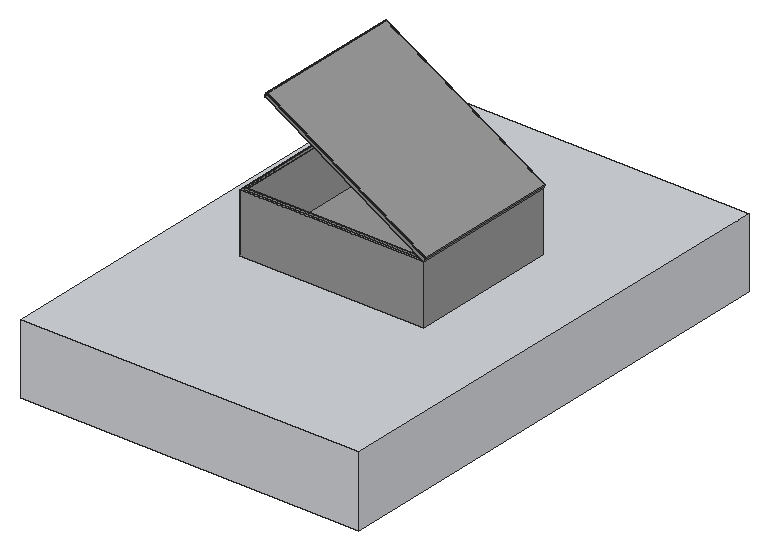
Revit family "Hager-Univers-IP55-D275-H650-Cl.II-Steel_encl-PL-pl", category Equipement électrique, Revit 2020
Family settings
  Hôte = Face
  Configuration du panneau = Deux colonnes, circuits au sein
  Cote de connecteur circulaire = Utiliser le diamètre
  Type d'élément = Tableau de raccordement
  Couper avec des vides une fois chargée = Non
  Partagée = Non
  Point de calcul de pièce = Non
Parameters (values of type "Montaż natynkowy IP55 S800 W650 G275  - FR43S")
  Width Control [instance] = if([EF000008 - Szerokość] > Min Width, [EF000008 - Szerokość], Min Width)  # 800 mm
  Commentaires du type = [HG000003 - Zakres]  # "Univers"
  Thickness Door [instance] = if([EF009171 - Drzwi/pokrywa z materiału o wysokiej wytrzymałości mechanicznej] > 3 mm, 3 mm, [EF009171 - Drzwi/pokrywa z materiału o wysokiej wytrzymałości mechanicznej])  # 1.5 mm
  Seal Frame Offset [instance] = 17 mm  # constant formula
  Plinth Visibility [instance] = [HG000027 - Wysokość cokołu] > 0 mm  # no
  Model = ""
  Min Width [instance] = 100 mm  # constant formula
  Min Height [instance] = 100 mm  # constant formula
  Min Depth [instance] = (2 * [EF009170 - Obudowa z materiału o wysokiej wytrzymałości mechanicznej]) + 1 mm  # 4 mm
  Internal Frame Depth [instance] = (Door System Depth * 0.5)  # 9 mm
  Height Control [instance] = if([EF000040 - Wysokość] > Min Height, [EF000040 - Wysokość], Min Height)  # 650 mm
  HG000027 - Wysokość cokołu = 0 mm
  HG000026 - Stojąca = no
  HG000024 - Wysokość części dolnej = 800 mm
  HG000023 - Obudowa dwusekcyjna = no
  HG000016 - Widoczność drzwi w widoku 3D [instance] = yes
  HG000015 - Przestrzeń robocza - otwarcie drzwi [instance] = no
  HG000014 - Drzwi prawe [instance] = yes
  HG000013 - Drzwi lewe [instance] = not([HG000014 - Drzwi prawe])  # no
  HG000012 - Kąt otwarcia drzwi [instance] = 30.00°
  HG000010 - Drzwi asymetryczne = no
  HG000009 - Drzwi dwuskrzydłowe = no
  HG000006 - Montaż podtynkowy = no
  HG000004 - Referencja producenta = "FR43S"
  HG000003 - Zakres = "Univers"
  HG000002 - Z drzwiami lub pokrywą = yes
  Frame Offset Bottom [instance] = 10 mm  # constant formula
  Frame Offset [instance] = 15 mm  # constant formula
  EF015940 - Pokrywa z wyzwalaczem nadciśnieniowym = no
  EF011959 - Stopień ochrony (NEMA) = ""
  EF009554 - Liczba otworów pod flansze = 6
  Fabricant = "Hager"  # constant formula
  EF009212 - Wykonanie pokrywy = "EV000116 - Zamknięty"
  EF009171 - Drzwi/pokrywa z materiału o wysokiej wytrzymałości mechanicznej = 1.5 mm
  EF009170 - Obudowa z materiału o wysokiej wytrzymałości mechanicznej = 1.5 mm
  EF008873 - Prąd znamionowy (In) = 800 A
  EF007800 - Do ochrony odgromowej = no
  EF006306 - Z zamkiem = no
  EF006244 - Transparentna pokrywa/drzwi = no
  EF005474 - Stopień ochrony (IP) = "EV006420 - IP55"
  EF004464 - Rodzaj drzwi = "EV002646 - Pojedynczy"
  EF004427 - Liczba modułów = 144
  EF004293 - Odporność udarowa = "EV008784 - IK10"
  EF003532 - Do zastosowań zewnętrznych = no
  EF002950 - Szerokość wyrażona liczbą modułów = 24
  EF001613 - Podtrzymanie funkcji = "EV000494 - Brak"
  EF001596 - Materiał obudowy = "EV000179 - Stal"
  EF001131 - Głębokość wewnętrzna = 275 mm
  EF001088 - Możliwość rozbudowy = yes
  EF000437 - Liczba wejść kablowych = 6
  EF000339 - Rodzaj pokrywy = "EV004216 - Drzwi"
  EF000266 - Liczba rzędów = 4
  EF000218 - Głębokość wbudowania = 0 mm
  EF000118 - Z płytą montażową = no
  EF000116 - Numer RAL = "7035"
  EF000049 - Głębokość = 275 mm
  EF000040 - Wysokość = 650 mm
  EF000008 - Szerokość = 800 mm
  EF000007 - Kolor = "EV000270 - Szary"
  EF000003 - Sposób montażu = "EV000384 - Montaż natynkowy"
  Door System Leaf Tolerance [instance] = 1.5 mm  # constant formula
  Door System Depth [instance] = 18 mm  # constant formula
  Door Height [instance] = Height Control - [HG000027 - Wysokość cokołu]  # 650 mm
  Depth Control [instance] = if([EF000049 - Głębokość] > Min Depth, [EF000049 - Głębokość], Min Depth)  # 275 mm
  Default Elevation = 0 mm
  Connector Offset [instance] = Height Control / 2  # 325 mm
  Bottom Top Plate Trim [instance] = 1.5 mm  # constant formula
  Plinth height Ctrl [instance] = if([HG000027 - Wysokość cokołu] > 0 mm, [HG000027 - Wysokość cokołu], 12 mm)  # 12 mm
Types (5, lengths in mm): name | Width Control | HG000010 - Drzwi asymetryczne | HG000009 - Drzwi dwuskrzydłowe | HG000004 - Referencja producenta | EF009554 - Liczba otworów pod flansze | EF004464 - Rodzaj drzwi | EF004427 - Liczba modułów | EF000437 - Liczba wejść kablowych | EF000008 - Szerokość
  Montaż natynkowy IP55 S1050 W650 G275  - FR44S | 1050 | no | yes | "FR44S" | 8 | "EV003602 - Podwójny" | 192 | 8 | 1050
  Montaż natynkowy IP55 S1300 W650 G275  - FR45S | 1300 | yes | yes | "FR45S" | 10 | "EV003602 - Podwójny" | 240 | 10 | 1300
  Montaż natynkowy IP55 S300 W650 G275  - FR41S | 300 | no | no | "FR41S" | 2 | "EV002646 - Pojedynczy" | 48 | 2 | 300
  Montaż natynkowy IP55 S550 W650 G275  - FR42S | 550 | no | no | "FR42S" | 4 | "EV002646 - Pojedynczy" | 96 | 4 | 550
  Montaż natynkowy IP55 S800 W650 G275  - FR43S | 800 | no | no | "FR43S" | 6 | "EV002646 - Pojedynczy" | 144 | 6 | 800
Reference planes
  plane 1 "Center (Front/Back)": y = 0
  plane 2: z = 0
  plane 3 "Center (Left/Right)": x = 0
  plane 4: z = 275
  plane 5: y = 1.5
  plane 6: y = 325
  plane 7: y = 0
  plane 8: y = 650
  plane 9: z = 0
  plane 10: x = -385
  plane 11: x = 385
  plane 12: x = 383.5
  plane 13: x = -383.5
  plane 14: y = 648.5
  plane 15: x = -383
  plane 16: x = -400
  plane 17: x = 383
  plane 18: x = 400
  plane 19: x = 398.5
  plane 20: x = -398.5
  plane 21: y = 11.5
  plane 22: y = 650
  plane 23: y = 633.5
  plane 24: z = 257
  plane 25: z = 1.5
  plane 26: z = 255.5
  plane 27: z = 273.5
Forms (mm)
  Extrusion 1, solid
    sketch origin (0, 0, 0) x (1, 0, 0) y (0, 1, 0)
      loop
        line (-702.964, 1305) -> (-702.964, -811.445) -> (766.763, -811.445) -> (766.763, 1305) -> (-702.964, 1305)
    from 0 to -304.8
  Extrusion 2, solid, material "Hager_Steel_RAL7035_Light_Grey", visible <- "Plinth Visibility", detail levels medium+fine
    sketch origin (0, 0, 0) x (1, 0, 0) y (0, 1, 0)
      loop
        line (-400, 0) -> (400, 0) -> (400, 12) -> (-400, 12) -> (-400, 0)
    from 0 to 257
  Extrusion 3, solid, material "Hager_Steel_RAL7035_Light_Grey", detail levels medium+fine
    sketch origin (0, 0, 0) x (1, 0, 0) y (0, 1, 0)
      loop
        line (-400, 0) -> (400, 0) -> (400, 650) -> (-400, 650) -> (-400, 0)
    from 0 to 257
  Extrusion 4, void
    sketch origin (0, 0, 0) x (1, 0, 0) y (0, 1, 0)
      loop
        line (-398.5, 1.5) -> (398.5, 1.5) -> (398.5, 648.5) -> (-398.5, 648.5) -> (-398.5, 1.5)
    from 1.5 to 255.5
  Extrusion 5, void
    sketch origin (-381.607, -4572, 257) x (0, -1, 0) y (-1, 0, 0)
      loop
        line (-4583.5, 1.893) -> (-5205.5, 1.893) -> (-5205.5, -765.107) -> (-4583.5, -765.107) -> (-4583.5, 1.893)
    from 0 to 1.5 <- "EF009170 - Obudowa z materiału o wysokiej wytrzymałości mechanicznej"
  Extrusion 6, solid, material "Hager_Steel_RAL7035_Light_Grey", detail levels fine
    sketch origin (0, 0, 257) x (1, 0, 0) y (0, 1, 0)
      loop
        line (-383.5, 633.5) -> (-383.5, 11.5) -> (383.5, 11.5) -> (383.5, 633.5) -> (-383.5, 633.5)
      loop
        line (-385, 10) -> (385, 10) -> (385, 635) -> (-385, 635) -> (-385, 10)
    from 0 to 9 <- "Internal Frame Depth"
  Extrusion 7, solid, material "Hager_Steel_RAL7035_Light_Grey", detail levels coarse
    sketch origin (0, 0, 0) x (1, 0, 0) y (0, 1, 0)
      loop
        line (-400, 0) -> (400, 0) -> (400, 650) -> (-400, 650) -> (-400, 0)
    from 0 to 275
  Sweep 8, void
    path in 3D
      loop
        line (-400, 12, 0) -> (400, 12, 0) -> (400, 12, 257) -> (-400, 12, 257) -> (-400, 12, 0)
    profile origin (-400, 12, 128.5) x (-1, 0, 0) y (0, -1, 0)
      loop
        line (0, 0) -> (0, 1.5) -> (-1.5, 1.5)
        arc (-1.5, 1.5) -> (-1.061, 0.439) -> (0, 0) r 1.5
Cuts and joins
  Extrusion 4, Extrusion 5 cuts Extrusion 3
  Sweep 8 cuts Extrusion 2
Lines and regions (mm)
  Masking region 1
    outline origin (0, 0, 0) x (1, 0, 0) y (0, 0, 1)
      loop
        line (-400, 275) -> (-400, 0) -> (400, 0) -> (400, 275) -> (-400, 275)
  Masking region 2, detail levels medium+fine
    outline origin (0, 140, 0) x (0, 1, 0) y (0, 0, 1)
      loop
        line (-140, 0) -> (510, 0) -> (510, 257) -> (-140, 257) -> (-140, 0)
  Masking region 3, not visible, detail levels medium+fine
    outline origin (0, 297.922, 0) x (0, 1, 0) y (0, 0, 1)
      loop
        line (38.578, 0) -> (78.578, 0) -> (78.578, 263.5)
        arc (78.578, 263.5) -> (75.649, 270.571) -> (68.578, 273.5) r 10
        line (68.578, 273.5) -> (38.578, 273.5) -> (38.578, 0)
  Masking region 4, detail levels coarse
    outline origin (0, 0, 180) x (0, 1, 0) y (0, 0, 1)
      loop
        line (0, -180) -> (650, -180) -> (650, 95) -> (0, 95) -> (0, -180)
  Masking region 5, visible <- "Plinth Visibility", detail levels medium+fine
    outline origin (0, 52.24, 12.345) x (0, 0, -1) y (0, 1, 0)
      loop
        line (10.845, -40.24) -> (-243.155, -40.24)
        arc (-243.155, -40.24) -> (-243.594, -41.301) -> (-244.655, -41.74) r 1.5
        line (-244.655, -41.74) -> (-244.655, -52.24) -> (12.345, -52.24) -> (12.345, -41.74)
        arc (12.345, -41.74) -> (11.285, -41.301) -> (10.845, -40.24) r 1.5
  Masking region 6, detail levels medium+fine
    outline origin (-381.607, -4572, 257) x (-1, 0, 0) y (0, -1, 0)
      loop
        line (18.393, -5222) -> (18.393, -4572) -> (-781.607, -4572) -> (-781.607, -5222) -> (18.393, -5222)
  Masking region 7, visible <- "Plinth Visibility", detail levels medium+fine
    outline origin (-381.607, -4727, 257) x (-1, 0, 0) y (0, -1, 0)
      loop
        arc (16.893, -4739) -> (17.332, -4737.939) -> (18.393, -4737.5) r 1.5
        line (18.393, -4737.5) -> (18.393, -4727) -> (-781.607, -4727) -> (-781.607, -4737.5)
        arc (-781.607, -4737.5) -> (-780.546, -4737.939) -> (-780.107, -4739) r 1.5
        line (-780.107, -4739) -> (16.893, -4739)
  Masking region 8, detail levels coarse
    outline origin (-442.548, -4669.526, 257) x (-1, 0, 0) y (0, -1, 0)
      loop
        line (-42.548, -5319.526) -> (-42.548, -4669.526) -> (-842.548, -4669.526) -> (-842.548, -5319.526) -> (-42.548, -5319.526)
  sketch lines
    curve 1: line (-400, 12, 257) -> (-400, 12, 0)
    curve 2: line (400, 12, 257) -> (-400, 12, 257)
    curve 3: line (400, 12, 257) -> (400, 12, 0)
    curve 4: line (-400, 12, 0) -> (400, 12, 0)
Dimensions and locks
  "Depth Control": plane 4 to Extrusion 1
  "HG000027 - Wysokość cokołu": plane 1 "Center (Front/Back)" to plane 7
  "EF009170 - Obudowa z materiału o wysokiej wytrzymałości mechanicznej": plane 5 to plane 7
  locked: connector elem to plane 3 "Center (Left/Right)"
  equal spacing: plane 8, plane 6, plane 7
  locked: connector elem to plane 6
  "EF009170 - Obudowa z materiału o wysokiej wytrzymałości mechanicznej": plane 8 to plane 14
  "EF009170 - Obudowa z materiału o wysokiej wytrzymałości mechanicznej": plane 10 to plane 13
  "EF009170 - Obudowa z materiału o wysokiej wytrzymałości mechanicznej": plane 12 to plane 11
  "Frame Offset": plane 20 to plane 13
  "Frame Offset": plane 12 to plane 19
  "EF009170 - Obudowa z materiału o wysokiej wytrzymałości mechanicznej": plane 16 to plane 20
  "EF009170 - Obudowa z materiału o wysokiej wytrzymałości mechanicznej": plane 19 to plane 18
  "Seal Frame Offset": plane 16 to plane 15
  "Seal Frame Offset": plane 17 to plane 18
  "Frame Offset Bottom": plane 21 to plane 5
  "Frame Offset": plane 14 to plane 23
  equal spacing: plane 16, plane 3 "Center (Left/Right)", plane 18
  "Width Control": plane 16 to plane 18
  "EF009170 - Obudowa z materiału o wysokiej wytrzymałości mechanicznej": plane 4 to plane 27
  "EF009170 - Obudowa z materiału o wysokiej wytrzymałości mechanicznej": plane 24 to plane 26
  "EF009170 - Obudowa z materiału o wysokiej wytrzymałości mechanicznej": plane 25 to level
  "Door System Depth": plane 4 to plane 24
  "Height Control": plane 1 "Center (Front/Back)" to Extrusion 7 sketch curve
  "Height Control": Masking region 4 sketch curve to plane 1 "Center (Front/Back)"
  "Height Control": plane 1 "Center (Front/Back)" to plane 22
  "Bottom Top Plate Trim": profile plane to Sweep 8 sketch curve
  "Bottom Top Plate Trim": Sweep 8 sketch curve to profile plane
  "Plinth height Ctrl": plane 1 "Center (Front/Back)" to Extrusion 2 sketch curve
  "Plinth height Ctrl": Masking region 5 sketch curve to plane 1 "Center (Front/Back)"
  "Plinth height Ctrl": plane 1 "Center (Front/Back)" to Masking region 7 sketch curve
  "Thickness Door": Extrusion 6 sketch curve to Extrusion 6 sketch curve  (x3)
  "Thickness Door": cut or joined group of Extrusion 3, Extrusion 4, Extrusion 5 to Extrusion 6 sketch curve
  radius of Masking region 3 sketch curve = 10 mm
  "Bottom Top Plate Trim": radius of Masking region 5 sketch curve  (x2)
  "Bottom Top Plate Trim": radius of Sweep 8 sketch curve
  "Bottom Top Plate Trim": radius of Masking region 7 sketch curve  (x2)
  aligned and locked: plane 2 to Extrusion 1
  aligned and locked: level to Extrusion 1
  aligned and locked: level to Masking region 1 sketch curve
  aligned and locked: Masking region 1 sketch curve to plane 18
  aligned and locked: Masking region 1 sketch curve to plane 16
  aligned and locked: plane 7 to Masking region 2 sketch curve
  aligned and locked: level to Masking region 3 sketch curve
  aligned and locked: Masking region 3 sketch curve to plane 27
  aligned and locked: level to Masking region 2 sketch curve
  aligned and locked: plane 1 "Center (Front/Back)" to Extrusion 2 sketch curve
  aligned and locked: Extrusion 3 sketch curve to plane 7
  aligned and locked: plane 16 to Extrusion 3 sketch curve
  aligned and locked: plane 18 to Extrusion 3 sketch curve
  aligned and locked: plane 20 to Extrusion 4 sketch curve
  aligned and locked: plane 19 to Extrusion 4 sketch curve
  aligned and locked: Extrusion 4 sketch curve to plane 5
  aligned and locked: Extrusion 4 to plane 25
  aligned and locked: plane 26 to Extrusion 4
  aligned and locked: plane 24 to Extrusion 3
  aligned and locked: Extrusion 5 sketch curve to plane 21
  aligned and locked: Extrusion 5 sketch curve to plane 13
  aligned and locked: Extrusion 5 sketch curve to plane 12
  aligned and locked: plane 18 to Extrusion 7 sketch curve
  aligned and locked: plane 1 "Center (Front/Back)" to Extrusion 7 sketch curve
  aligned and locked: plane 16 to Extrusion 7 sketch curve
  aligned and locked: plane 4 to Extrusion 7
  aligned and locked: Extrusion 7 to level
  aligned and locked: level to Masking region 4 sketch curve
  aligned and locked: Masking region 4 sketch curve to plane 1 "Center (Front/Back)"
  aligned and locked: Masking region 4 sketch curve to plane 4
  aligned and locked: nested 1 to level
  aligned and locked: nested 1 to plane 16
  aligned and locked: plane 8 to Extrusion 3 sketch curve
  aligned and locked: plane 23 to Extrusion 5 sketch curve
  aligned and locked: plane 14 to Extrusion 4 sketch curve
  aligned and locked: Masking region 2 sketch curve to plane 8
  aligned and locked: level to Masking region 5 sketch curve
  aligned and locked: plane 16 to Extrusion 2 sketch curve
  aligned and locked: plane 18 to Extrusion 2 sketch curve
  aligned and locked: Masking region 5 sketch curve to plane 24
  aligned and locked: Masking region 2 sketch curve to plane 24
  aligned and locked: plane 24 to Extrusion 2
  aligned and locked: profile plane to Sweep 8 sketch curve  (x2)
  aligned and locked: Masking region 6 sketch curve to plane 18
  aligned and locked: Masking region 6 sketch curve to plane 22
  aligned and locked: Masking region 6 sketch curve to plane 16
  aligned and locked: plane 8 to plane 22
  aligned and locked: Masking region 6 sketch curve to plane 7
  aligned and locked: Masking region 7 sketch curve to plane 16
  aligned and locked: Masking region 7 sketch curve to plane 1 "Center (Front/Back)"
  aligned and locked: Masking region 7 sketch curve to plane 18
  aligned and locked: Masking region 8 sketch curve to plane 1 "Center (Front/Back)"
  aligned and locked: Masking region 8 sketch curve to plane 18
  aligned and locked: Masking region 8 sketch curve to plane 22
  aligned and locked: Masking region 8 sketch curve to plane 16
  aligned and locked: nested 2 to plane 7
  aligned and locked: plane 3 "Center (Left/Right)" to nested 2
  aligned and locked: nested 2 to plane 24
  aligned and locked: Extrusion 6 sketch curve to cut or joined group of Extrusion 3, Extrusion 4, Extrusion 5  (x4)
Automatic sketch dimensions
  Extrusion 1 sketch curve to Extrusion 1 sketch curve = 1469.727 mm
  Extrusion 1 sketch curve to Extrusion 1 sketch curve = 2116.445 mm
  Masking region 1 sketch curve to plane 4 = 0 mm
  plane 6 to Masking region 3 sketch curve = 11.5 mm
  Masking region 3 sketch curve to Masking region 3 sketch curve = 30 mm
  Masking region 5 sketch curve to plane 1 "Center (Front/Back)" = 0 mm
Nested families
  nested 1: "Hager_Enclosure_Symbol" at (-400, 0, 0) x (1, 0, 0) z (0, -1, 0), Height <- "Depth Control", Width <- "Width Control", type "Hager_Enclosure_Symbol"
    with Width_Ctrl 800 mm, Width 800 mm, Height_Ctrl 275 mm, Height 275 mm, A_Width_Int 18.047 mm, A_Width 216.562 mm, A_Height_Ctrl 240.625 mm, A_Height 240.625 mm
  nested 2: "EC000058_Univers_Door" at (0, 0, 257) x (1, 0, 0) z (0, 1, 0), Leaf_Tolerance <- "Door System Leaf Tolerance", Angle <- "HG000012 - Kąt otwarcia drzwi", Door_Depth <- "Door System Depth", Door_Left <- "HG000013 - Drzwi lewe", Transparent <- "EF006244 - Transparentna pokrywa/drzwi", Assymetrical <- "HG000010 - Drzwi asymetryczne", Width <- "Width Control", Clearance <- "HG000015 - Przestrzeń robocza - otwarcie drzwi", Double <- "HG000009 - Drzwi dwuskrzydłowe", 3d_Door <- "HG000016 - Widoczność drzwi w widoku 3D", Lock_Visibility <- "EF006306 - Z zamkiem", Width_Ctrl <- "Width Control", Door_Right <- "HG000014 - Drzwi prawe", Door <- "HG000002 - Z drzwiami lub pokrywą", Height <- "Door Height", Thickness <- "Thickness Door", type "EC000058_Univers_Door", detail levels medium+fine
    with min_wh 4 mm, Width_Ctrl 800 mm, Width 800 mm, Transparent no, Thickness 1.5 mm, Seal_Material Hager_Rubber, Lock_Visibility no, Lock_Material Hager_Plastic_RAL9005_Jet_Black, Leaf_Width 800 mm, Leaf_Tolerance_External_Sides 0 mm, Leaf_Tolerance 1.5 mm, Leaf_Offset 0 mm, Leaf_Height 647 mm, Leaf_2_Width 800 mm, Leaf_2_Offset 400 mm, Leaf_1_Width 800 mm, Leaf_1_Offset 400 mm, Height_Ctrl 650 mm, Height 650 mm, Glass_Material Hager_Glass, Double_Clearance_Ctrl no, Double no, Door_Right_Ctrl yes, Door_Right yes, Door_Material Hager_Steel_RAL7035_Light_Grey, Door_Left_Ctrl no, Door_Left no, Door_Depth 18 mm, Door yes, Clearance_Material Hager_Clearance, Clearance_Depth 800 mm, Clearance_Ctrl no, Clearance no, Assymetrical no, Angle 30.00°, 3d_Door yes
Connectors
  electrical at (0, 325, 0)
    settings: on plane 9, index 1, voltage 0 V, apparent load 0 VA, apparent load phase1 0 VA, apparent load phase2 0 VA, apparent load phase3 0 VA, power factor 1, load classification "Other", number of poles 1, system type 30, power factor state 1, is connector primary yes, connector utility no, sub classification motor no, connector description ""
Definition of nested family "EC000058_Univers_Door"
  Parameters (values of type "EC000058_Univers_Door")
    min_wh [instance] = (2 * Thickness) + 1 mm  # 11 mm
    Width_Ctrl [instance] = 400 mm
    Width [instance] = 500 mm
    Transparent [instance] = yes
    Thickness [instance] = 5 mm
    Seal_Material [instance] = none
    Lock_Visibility [instance] = yes
    Lock_Material [instance] = none
    Leaf_Width [instance] = if((Width_Ctrl - 2 * Leaf_Tolerance_External_Sides) > 0 mm, (Width_Ctrl - 2 * Leaf_Tolerance_External_Sides), min_wh)  # 400 mm
    Leaf_Tolerance_External_Sides [instance] = 0 mm  # constant formula
    Leaf_Tolerance [instance] = 1.5 mm
    Leaf_Offset [instance] = 0 mm  # constant formula
    Leaf_Height [instance] = if((Height_Ctrl - 2 * Leaf_Tolerance) > 0 mm, (Height_Ctrl - 2 * Leaf_Tolerance), min_wh)  # 497 mm
    Leaf_2_Width [instance] = if(and(and(Double, Assymetrical), Door_Left), (Leaf_Width / 3) - (Leaf_Tolerance / 2), if(and(and(Double, Assymetrical), Door_Right), (Leaf_Width / 3) * 2 - (Leaf_Tolerance / 2), if(and(Double, not(Assymetrical)), (Leaf_Width / 2) - Leaf_Tolerance, Leaf_Width)))  # 400 mm
    Leaf_2_Offset [instance] = if(and(Double, Assymetrical), Leaf_2_Width / 2, if(and(Double, not(Assymetrical)), Leaf_Width / 4, Leaf_Width / 2))  # 200 mm
    Leaf_1_Width [instance] = if(and(and(Double, Assymetrical), Door_Right), (Leaf_Width / 3) - (Leaf_Tolerance / 2), if(and(and(Double, Assymetrical), Door_Left), (Width / 3) * 2 - (Leaf_Tolerance / 2), if(and(Double, not(Assymetrical)), (Leaf_Width / 2) - Leaf_Tolerance, Leaf_Width)))  # 400 mm
    Leaf_1_Offset [instance] = if(and(Double, Assymetrical), Leaf_1_Width / 2, if(and(Double, not(Assymetrical)), Leaf_Width / 4, Leaf_Width / 2))  # 200 mm
    Height_Ctrl [instance] = if(Height > min_wh, Height, min_wh)  # 500 mm
    Height [instance] = 500 mm
    Glass_Material [instance] = none
    Double_Clearance_Ctrl [instance] = and(Double, Clearance)  # no
    Double [instance] = no
    Door_Right_Ctrl [instance] = and(or(Door_Right, Double), Door)  # yes
    Door_Right [instance] = yes
    Door_Material [instance] = none
    Door_Left_Ctrl [instance] = and(or(Door_Left, Double), Door)  # no
    Door_Left [instance] = no
    Door_Depth [instance] = 30 mm
    Door [instance] = yes
    Default Elevation = 1219.2 mm
    Clearance_Material [instance] = none
    Clearance_Depth [instance] = if(Leaf_1_Width > Leaf_2_Width, Leaf_1_Width, Leaf_2_Width)  # 400 mm
    Clearance_Ctrl [instance] = and(not(Double), Clearance)  # yes
    Clearance [instance] = yes
    Assymetrical [instance] = yes
    Angle [instance] = 30.00°
    3d_Door [instance] = yes
  Reference planes
    plane 1 "Center (Front/Back)": y = 0
    plane 2 "Bottom": z = 0
    plane 3 "Center (Left/Right)": x = 0
    plane 4: z = 500
    plane 5: x = -200
    plane 6: x = 200
    plane 7: z = 500
    plane 8: x = -200
    plane 9: z = 0
    plane 10: x = 200
    plane 11: y = 0
    plane 12: z = 1.5
    plane 13: x = -600
    plane 14: y = -400
    plane 15: x = 600
    plane 16: x = 0
    plane 17: x = 0
    plane 18: x = -200
    plane 19: x = 200
    plane 20: z = 498.5
  Forms (mm)
    Extrusion 1, solid, material <- "Clearance_Material", visible <- "Double_Clearance_Ctrl"
      sketch origin (1200, 0, 0) x (1, 0, 0) y (0, 0, -1)
        loop
          line (-1800, -498.5) -> (-600, -498.5) -> (-600, 0) -> (-1800, 0) -> (-1800, -498.5)
      from 0 to -400
  Dimensions and locks
    equal spacing: plane 5, plane 3 "Center (Left/Right)", plane 6
    "Width_Ctrl": plane 5 to plane 6
    "Leaf_Offset": plane 5 to plane 8
    "Leaf_Offset": plane 6 to plane 10
    "Leaf_Offset": plane 9 to level
    "Leaf_Offset": plane 4 to plane 7
    "Height_Ctrl": plane 4 to level
    "Leaf_Tolerance": plane 12 to plane 9
    locked: plane 11 to plane 1 "Center (Front/Back)"
    "Leaf_1_Offset": plane 18 to plane 16
    "Leaf_2_Offset": plane 17 to plane 19
    "Leaf_1_Width": plane 13 to plane 8
    "Leaf_2_Width": plane 10 to plane 15
    "Clearance_Depth": plane 14 to plane 1 "Center (Front/Back)"
    "Leaf_Tolerance_External_Sides": plane 8 to plane 18
    "Leaf_Tolerance_External_Sides": plane 19 to plane 10
    "Leaf_Tolerance": plane 7 to plane 20
    aligned and locked: level to plane 2 "Bottom"
    aligned and locked: nested 1 to plane 16
    aligned and locked: nested 2 to plane 17
    aligned and locked: Extrusion 1 to plane 13
    aligned and locked: plane 15 to Extrusion 1
    aligned and locked: Extrusion 1 to plane 14
    aligned and locked: plane 12 to nested 1
    aligned and locked: nested 2 to plane 12
    aligned and locked: Extrusion 1 to plane 11
    aligned and locked: plane 20 to Extrusion 1
    aligned and locked: nested 2 to plane 11
    aligned and locked: nested 1 to plane 11
  Automatic sketch dimensions
    Extrusion 1 sketch curve to level = 0 mm
    plane 5 to Extrusion 1 sketch curve = 400 mm
    plane 6 to Extrusion 1 sketch curve = 400 mm
    Extrusion 1 sketch curve to plane 4 = 1.5 mm
  Nested families
    nested 1: "EC000058_Univers_Door_Leaf" at (0, 0, 1.5), Width <- "Leaf_1_Width", visible <- "Door_Left_Ctrl", Leaf_Height <- "Leaf_Height", Angle <- "Angle", 3d_Door <- "3d_Door", Transparent <- "Transparent", Clearance Material <- "Clearance_Material", Clearance <- "Clearance_Ctrl", Door_Material <- "Door_Material", Glass_Material <- "Glass_Material", Door_Depth <- "Door_Depth", Lock_Material <- "Lock_Material", Seal_Material <- "Seal_Material", Lock_Visibility <- "Lock_Visibility", Thickness <- "Thickness", type "EC000058_Univers_Door_Leaf"
      with Width 400 mm, Transparent_Glass_Offset 30 mm, Transparent_Ctrl yes, Transparent yes, Thickness 5 mm, Standard no, Seal_Material none, Seal_D2 8 mm, Seal_D1 1 mm, Offset_Internal_Frame 10 mm, Lock_Width 20 mm, Lock_Visibility_3d yes, Lock_Visibility yes, Lock_Thickness_3 3 mm, Lock_Thickness_2 1 mm, Lock_Thickness_1 3 mm, Lock_Radius_Offset_2 16 mm, Lock_Radius_Offset_1 15 mm, Lock_Radius_2 5 mm, Lock_Radius 6 mm, Lock_Offset 5 mm, Lock_Material none, Lock_Height 80 mm, Lock_Cover_Top_Offset_2d 17 mm, Lock_Cover_Height -65 mm, Leaf_Height 497 mm, Internal_Seal_Thickness 8 mm, Internal_Seal_Depth_2 4.5 mm, Internal_Frame_Depth 25 mm, Glass_Thickness -1 mm, Glass_Offset -2 mm, Glass_Material none, Door_Material none, Door_Depth 30 mm, Clearance Material none, Clearance yes, Angle_Ctrl 30.00°, Angle 30.00°, 3d_Door yes
    nested 2: "EC000058_Univers_Door_Leaf" at (0, 0, 1.5) x (-1, 0, 0) z (0, 0, 1), Width <- "Leaf_2_Width", visible <- "Door_Right_Ctrl", Leaf_Height <- "Leaf_Height", Angle <- "Angle", 3d_Door <- "3d_Door", Transparent <- "Transparent", Clearance Material <- "Clearance_Material", Clearance <- "Clearance_Ctrl", Door_Material <- "Door_Material", Glass_Material <- "Glass_Material", Door_Depth <- "Door_Depth", Lock_Material <- "Lock_Material", Seal_Material <- "Seal_Material", Lock_Visibility <- "Lock_Visibility", Thickness <- "Thickness", type "EC000058_Univers_Door_Leaf"
      with Width 400 mm, Transparent_Glass_Offset 30 mm, Transparent_Ctrl yes, Transparent yes, Thickness 5 mm, Standard no, Seal_Material none, Seal_D2 8 mm, Seal_D1 1 mm, Offset_Internal_Frame 10 mm, Lock_Width 20 mm, Lock_Visibility_3d yes, Lock_Visibility yes, Lock_Thickness_3 3 mm, Lock_Thickness_2 1 mm, Lock_Thickness_1 3 mm, Lock_Radius_Offset_2 16 mm, Lock_Radius_Offset_1 15 mm, Lock_Radius_2 5 mm, Lock_Radius 6 mm, Lock_Offset 5 mm, Lock_Material none, Lock_Height 80 mm, Lock_Cover_Top_Offset_2d 17 mm, Lock_Cover_Height -65 mm, Leaf_Height 497 mm, Internal_Seal_Thickness 8 mm, Internal_Seal_Depth_2 4.5 mm, Internal_Frame_Depth 25 mm, Glass_Thickness -1 mm, Glass_Offset -2 mm, Glass_Material none, Door_Material none, Door_Depth 30 mm, Clearance Material none, Clearance yes, Angle_Ctrl 30.00°, Angle 30.00°, 3d_Door yes
  Definition of nested family "EC000058_Univers_Door_Leaf"
    Parameters (values of type "EC000058_Univers_Door_Leaf")
      Width [instance] = 2000 mm
      Transparent_Glass_Offset [instance] = 30 mm
      Transparent_Ctrl [instance] = and(Transparent, [3d_Door])  # yes
      Transparent [instance] = yes
      Thickness [instance] = 5 mm
      Standard [instance] = and(not(Transparent), [3d_Door])  # no
      Seal_Material [instance] = none
      Seal_D2 [instance] = 8 mm  # constant formula
      Seal_D1 [instance] = 1 mm  # constant formula
      Offset_Internal_Frame [instance] = 10 mm  # constant formula
      Lock_Width [instance] = 20 mm  # constant formula
      Lock_Visibility_3d [instance] = and(Lock_Visibility, [3d_Door])  # yes
      Lock_Visibility [instance] = yes
      Lock_Thickness_3 [instance] = 3 mm  # constant formula
      Lock_Thickness_2 [instance] = 1 mm  # constant formula
      Lock_Thickness_1 [instance] = 3 mm  # constant formula
      Lock_Radius_Offset_2 [instance] = Lock_Radius_Offset_1 + 1 mm  # 16 mm
      Lock_Radius_Offset_1 [instance] = 15 mm  # constant formula
      Lock_Radius_2 [instance] = Lock_Radius - 1 mm  # 5 mm
      Lock_Radius [instance] = 6 mm  # constant formula
      Lock_Offset [instance] = 5 mm  # constant formula
      Lock_Material [instance] = none
      Lock_Height [instance] = 80 mm  # constant formula
      Lock_Cover_Top_Offset_2d [instance] = Lock_Radius_Offset_2 + 1 mm  # 17 mm
      Lock_Cover_Height [instance] = -(Lock_Height - Lock_Radius_Offset_1)  # -65 mm
      Leaf_Height [instance] = 2720.336 mm
      Internal_Seal_Thickness [instance] = 8 mm  # constant formula
      Internal_Seal_Depth_2 [instance] = 4.5 mm  # constant formula
      Internal_Frame_Depth [instance] = if(Door_Depth - Thickness > 5 mm, Door_Depth - Thickness, 5 mm)  # 25 mm
      Glass_Thickness [instance] = if(Thickness > 15 mm, Glass_Offset + 10 mm, -1 mm)  # -1 mm
      Glass_Offset [instance] = if(Thickness > 15 mm, -(Thickness + 10 mm) / 2, -2 mm)  # -2 mm
      Glass_Material [instance] = none
      Door_Material [instance] = none
      Door_Depth [instance] = 30 mm
      Default Elevation = 0 mm
      Clearance Material [instance] = none
      Clearance [instance] = yes
      Angle_Ctrl [instance] = if(Angle > 180.00°, 180.00°, Angle)  # 90.00°
      Angle [instance] = 90.00°
      3d_Door [instance] = yes
    Reference planes
      plane 1 "Center (Front/Back)": y = 0
      plane 2: z = 0
      plane 3 "Center (Left/Right)": x = 0
      plane 4: y = 2000
      plane 5: x = -1000
      plane 6: x = 1000
      plane 7: x = -3000
      plane 8: z = 2720.336
      plane 9: z = 30
      plane 10: z = 2690.336
      plane 11: x = 970
      plane 12: x = -970
      plane 13: y = -3
      plane 14: z = 107.833
      plane 15: y = -5
      plane 16: y = -223.314
      plane 17: x = -1000
      plane 18: z = 1360.168
      plane 19: y = 30
    Forms (mm)
      Extrusion 1, solid, material <- "Clearance Material", visible <- "Clearance"
        sketch origin (0, 0, 0) x (1, 0, 0) y (0, 0, 1)
          loop
            line (-3000, 2720.336) -> (-3000, 0) -> (1000, 0) -> (1000, 2720.336) -> (-3000, 2720.336)
        from 0 to -2000
      Extrusion 2, solid, material <- "Door_Material", visible <- "Standard", detail levels medium+fine
        sketch origin (-1000, 0, 0) x (0, 1, 0) y (-1, 0, 0)
          loop
            line (0, 30) -> (0, 25) -> (2000, 25) -> (2000, 30) -> (0, 30)
        from 0 to 2720.336 <- "Leaf_Height"
      Extrusion 3, solid, material <- "Door_Material", visible <- "Transparent_Ctrl", detail levels medium+fine
        sketch origin (-1000, 0, 0) x (0, 1, 0) y (-1, 0, 0)
          loop
            line (0, 25) -> (2000, 25) -> (2000, 30) -> (0, 30) -> (0, 25)
        from 0 to 2720.336 <- "Leaf_Height"
      Extrusion 4, void
        sketch origin (-1025, 2000, 0) x (0, 1, 0) y (0, 0, -1)
          loop
            line (-30, -2690.336) -> (-30, -30) -> (-1970, -30) -> (-1970, -2690.336) -> (-30, -2690.336)
        from 0 to 5 <- "Thickness"
      Sweep 5, solid, material <- "Seal_Material", visible <- "Transparent_Ctrl", detail levels fine
        path in 3D
          loop
            line (-1025, 30, 30) -> (-1025, 30, 2690.336) -> (-1025, 1970, 2690.336) -> (-1025, 1970, 30) -> (-1025, 30, 30)
        profile origin (-1025, 1000, 30) x (1, 0, 0) y (0, 0, 1)
          loop
            line (0, 0) -> (0, -8) -> (1, -8) -> (1, 0) -> (0, 0)
      Extrusion 6, solid, material <- "Glass_Material", visible <- "Transparent_Ctrl", detail levels medium+fine
        sketch origin (-1030, 0, 0) x (0, 1, 0) y (0, 0, -1)
          loop
            line (1970, -2690.336) -> (1970, -30) -> (30, -30) -> (30, -2690.336) -> (1970, -2690.336)
        from -2 <- "Glass_Offset" to -1 <- "Glass_Thickness"
      Extrusion 7, solid, material <- "Door_Material", visible <- "3d_Door", detail levels medium+fine
        sketch origin (-1025, 2000, 0) x (0, -1, 0) y (0, 0, -1)
          loop
            line (0, -2720.336) -> (2000, -2720.336) -> (2000, 0) -> (0, 0) -> (0, -2720.336)
          loop
            line (1995, -5) -> (5, -5) -> (5, -2715.336) -> (1995, -2715.336) -> (1995, -5)
        from 0 to 25 <- "Internal_Frame_Depth"
      Sweep 8, solid, material <- "Seal_Material", visible <- "Transparent_Ctrl", detail levels fine
        path in 3D
          loop
            line (-1025, 0, 0) -> (-1025, 2000, 0) -> (-1025, 2000, 2720.336) -> (-1025, 0, 2720.336) -> (-1025, 0, 0)
        profile origin (-1025, 0, 1360.168) x (1, 0, 0) y (0, 1, 0)
          loop
            line (0, 10) -> (2.975, 10)
            arc (2.975, 10) -> (4.053, 10.447) -> (4.5, 11.525) r 1.525
            line (4.5, 11.525) -> (4.5, 16.527)
            arc (4.5, 16.527) -> (4.069, 17.569) -> (3.027, 18) r 1.473
            line (3.027, 18) -> (0, 18) -> (0, 10)
      Extrusion 9, solid, material <- "Lock_Material", visible <- "Lock_Visibility_3d", detail levels fine
        sketch origin (-1030, 0, 0) x (0, 1, 0) y (0, 0, -1)
          loop
            arc (1993.5, -1400.168) -> (1994.561, -1399.729) -> (1995, -1398.668) r 1.5
            line (1995, -1398.668) -> (1995, -1320.168) -> (1975, -1320.168) -> (1975, -1398.668)
            arc (1975, -1398.668) -> (1975.439, -1399.729) -> (1976.5, -1400.168) r 1.5
            line (1976.5, -1400.168) -> (1993.5, -1400.168)
        from 3 <- "Lock_Thickness_1" to 0
      Blend 10, solid, material <- "Lock_Material", visible <- "Lock_Visibility_3d", detail levels fine
        base sketch origin (-1033, 0, 0) x (0, 1, 0) y (0, 0, -1)
          loop
            line (1975, -1320.168) -> (1975, -1398.668)
            arc (1975, -1398.668) -> (1975.439, -1399.729) -> (1976.5, -1400.168) r 1.5
            line (1976.5, -1400.168) -> (1993.5, -1400.168)
            arc (1993.5, -1400.168) -> (1994.561, -1399.729) -> (1995, -1398.668) r 1.5
            line (1995, -1398.668) -> (1995, -1320.168) -> (1975, -1320.168)
        top sketch origin (-1033, 0, 0) x (0, 1, 0) y (0, 0, -1)
          loop
            line (1976, -1320.168) -> (1976, -1398.668)
            arc (1976, -1398.668) -> (1976.146, -1399.022) -> (1976.5, -1399.168) r 0.5
            line (1976.5, -1399.168) -> (1993.5, -1399.168)
            arc (1993.5, -1399.168) -> (1993.854, -1399.022) -> (1994, -1398.668) r 0.5
            line (1994, -1398.668) -> (1994, -1320.168) -> (1976, -1320.168)
        from 0 to 1 <- "Lock_Thickness_2"
      Blend 11, solid, material <- "Lock_Material", visible <- "Lock_Visibility_3d", detail levels fine
        base sketch origin (-1034, 0, 0) x (0, 1, 0) y (0, 0, -1)
          loop
            line (1978, -1320.168) -> (1978, -1384.168)
            arc (1978, -1384.168) -> (1985, -1391.168) -> (1992, -1384.168) r 7
            line (1992, -1384.168) -> (1992, -1320.168) -> (1978, -1320.168)
        top sketch origin (-1034, 0, 0) x (0, 1, 0) y (0, 0, -1)
          loop
            line (1991, -1320.168) -> (1979, -1320.168) -> (1979, -1383.168)
            arc (1979, -1383.168) -> (1985, -1389.168) -> (1991, -1383.168) r 6
            line (1991, -1383.168) -> (1991, -1320.168)
        from 0 to 3 <- "Lock_Thickness_3"
      Extrusion 12, solid, material <- "Lock_Material", visible <- "Lock_Visibility_3d", detail levels fine
        sketch origin (-1030, 1975, 1320.168) x (1, 0, 0) y (0, -1, 0)
          loop
            line (-7, -19) -> (-7, -1) -> (0, -1) -> (0, 0) -> (-8, 0) -> (-8, -20) -> (0, -20) -> (0, -19) -> (-7, -19)
        from 0 to -65 <- "Lock_Cover_Height"
      Extrusion 13, void
        sketch origin (-1038, 1995, 1320.168) x (-1, 0, 0) y (0, 0, -1)
          loop
            line (-5, -65) -> (0, -65) -> (-5, -60) -> (-5, -65)
        from 0 to 20 <- "Lock_Width"
      Extrusion 14, void
        sketch origin (-1038, 1975, 1320.168) x (0, -1, 0) y (0, 0, -1)
          loop
            circle (-10, -15.995) r 6
          loop
            circle (-10, -15.995) r 5
        from 0 to 2
      Extrusion 15, solid, material <- "Lock_Material", visible <- "Lock_Visibility_3d", detail levels medium
        sketch origin (-1030, 0, 0) x (0, 1, 0) y (0, 0, -1)
          loop
            arc (1993.5, -1400.168) -> (1994.561, -1399.729) -> (1995, -1398.668) r 1.5
            line (1995, -1398.668) -> (1995, -1320.168) -> (1975, -1320.168) -> (1975, -1398.668)
            arc (1975, -1398.668) -> (1975.439, -1399.729) -> (1976.5, -1400.168) r 1.5
            line (1976.5, -1400.168) -> (1993.5, -1400.168)
        from 8 to 0
    Cuts and joins
      Extrusion 4 cuts Extrusion 3
      Extrusion 13, Extrusion 14 cuts Extrusion 9
      Extrusion 14 cuts Blend 11
      Extrusion 13, Extrusion 14 cuts Extrusion 12
      joined: Extrusion 9, Blend 10, Blend 11, Extrusion 12
      Extrusion 14 cuts Extrusion 15
    Lines and regions (mm)
      Masking region 1, visible <- "Lock_Visibility", detail levels fine
        outline origin (0, 0, 0) x (0, 1, 0) y (0, 0, 1)
          loop
            line (30, 1320.168) -> (33, 1320.168) -> (33, 1400.168) -> (30, 1400.168) -> (30, 1320.168)
      Masking region 2, visible <- "Lock_Visibility", detail levels fine
        outline origin (0, 3.143, 0) x (0, 1, 0) y (0, 0, 1)
          loop
            line (29.857, 1354.168) -> (30.857, 1354.168) -> (30.857, 1366.168) -> (29.857, 1366.168) -> (29.857, 1354.168)
      Masking region 3, detail levels medium+fine
        outline origin (0, 0, 0) x (0, 1, 0) y (0, 0, 1)
          loop
            line (0, 0) -> (30, 0) -> (30, 2720.336) -> (0, 2720.336) -> (0, 0)
      Masking region 4, detail levels medium+fine
        outline origin (0, 0, 0) x (1, 0, 0) y (0, 0, 1)
          loop
            line (-1000, 2720.336) -> (-1000, 0) -> (1000, 0) -> (1000, 2720.336) -> (-1000, 2720.336)
      Masking region 5, visible <- "Lock_Visibility", detail levels fine
        outline origin (-47.116, 0, 0) x (1, 0, 0) y (0, 0, 1)
          loop
            arc (1024.616, 1399.168) -> (1023.556, 1398.729) -> (1023.116, 1397.668) r 1.5
            line (1023.116, 1397.668) -> (1023.116, 1320.168) -> (1041.116, 1320.168) -> (1041.116, 1397.668)
            arc (1041.116, 1397.668) -> (1040.677, 1398.729) -> (1039.616, 1399.168) r 1.5
            line (1039.616, 1399.168) -> (1024.616, 1399.168)
      Masking region 6, visible <- "Lock_Visibility", detail levels medium+fine
        outline origin (-25, 0, 0) x (1, 0, 0) y (0, 0, 1)
          loop
            arc (1001.5, 1400.168) -> (1000.439, 1399.729) -> (1000, 1398.668) r 1.5
            line (1000, 1398.668) -> (1000, 1320.168) -> (1020, 1320.168) -> (1020, 1398.668)
            arc (1020, 1398.668) -> (1019.561, 1399.729) -> (1018.5, 1400.168) r 1.5
            line (1018.5, 1400.168) -> (1001.5, 1400.168)
      Masking region 7, visible <- "Lock_Visibility", detail levels fine
        outline origin (-73.735, 0, 0) x (1, 0, 0) y (0, 0, 1)
          loop
            line (1051.735, 1382.168) -> (1065.735, 1382.168) -> (1065.735, 1384.168)
            arc (1065.735, 1384.168) -> (1058.735, 1391.168) -> (1051.735, 1384.168) r 7
            line (1051.735, 1384.168) -> (1051.735, 1382.168)
      Masking region 8, visible <- "Lock_Visibility", detail levels fine
        outline origin (-73.735, 0, 0) x (1, 0, 0) y (0, 0, 1)
          loop
            line (1052.735, 1382.168) -> (1064.735, 1382.168) -> (1064.735, 1383.168)
            arc (1064.735, 1383.168) -> (1058.735, 1389.168) -> (1052.735, 1383.168) r 6
            line (1052.735, 1383.168) -> (1052.735, 1382.168)
      Masking region 9, visible <- "Lock_Visibility", detail levels fine
        outline origin (-25, 0, 0) x (1, 0, 0) y (0, 0, 1)
          loop
            line (1020, 1320.168) -> (1020, 1382.168) -> (1000, 1382.168) -> (1000, 1320.168) -> (1020, 1320.168)
      Masking region 10, detail levels medium+fine
        outline origin (0, 0, 0) x (1, 0, 0) y (0, 0, 1)
          loop
            circle (985, 1335.144) r 6
      Masking region 11, detail levels fine
        outline origin (0, 0, 0) x (1, 0, 0) y (0, 0, 1)
          loop
            circle (985, 1335.144) r 5
      Masking region 12, visible <- "Lock_Visibility", detail levels fine
        outline origin (0, 12.767, 0) x (0, 1, 0) y (0, 0, 1)
          loop
            line (20.233, 1320.168) -> (21.233, 1320.168) -> (21.233, 1399.168) -> (20.233, 1400.168) -> (20.233, 1320.168)
      Masking region 13, visible <- "Lock_Visibility", detail levels fine
        outline origin (0, 13.767, -10) x (0, 1, 0) y (0, 0, 1)
          loop
            line (20.233, 1330.168) -> (23.233, 1330.168) -> (23.233, 1399.168) -> (20.233, 1402.168) -> (20.233, 1330.168)
      Masking region 14, visible <- "Lock_Visibility", detail levels fine
        outline origin (0, 12.767, -10) x (0, 1, 0) y (0, 0, 1)
          loop
            line (20.233, 1330.168) -> (25.233, 1330.168) -> (25.233, 1399.305) -> (20.233, 1394.305) -> (20.233, 1330.168)
      Masking region 15, visible <- "Lock_Visibility", detail levels medium
        outline origin (0, 0, 0) x (0, 1, 0) y (0, 0, 1)
          loop
            line (30, 1320.168) -> (38, 1320.168) -> (38, 1400.168) -> (30, 1400.168) -> (30, 1320.168)
      Masking region 16, visible <- "Lock_Visibility", detail levels fine
        outline origin (-1000, 0, 0) x (0, 1, 0) y (-1, 0, 0)
          loop
            line (1975, 30) -> (1995, 30) -> (1995, 38) -> (1975, 38) -> (1975, 30)
          loop
            line (1979, 37) -> (1976, 37) -> (1976, 34) -> (1978, 34) -> (1979, 37)
          loop
            line (1994, 37) -> (1991, 37) -> (1992, 34) -> (1994, 34) -> (1994, 37)
      Masking region 17, visible <- "Lock_Visibility", detail levels medium
        outline origin (-1000, 0, 0) x (0, 1, 0) y (-1, 0, 0)
          loop
            line (1975, 30) -> (1995, 30) -> (1995, 38) -> (1975, 38) -> (1975, 30)
      symbolic lines
        curve 1: line (1000, 0, 0) -> (-3000, 0, 0)
        curve 2: arc (1000, 0, 0) -> (-1000, 2000, 0) -> (-3000, 0, 0) r 2000
        curve 4: line (-1030, 0, 0) -> (-1030, 2000, 0)
      reference lines
        curve 3: line (-1000, 0, 0) -> (-1000, 2000, 0)
      symbolic lines, detail levels medium+fine
        curve 5: line (-1030, 2000, 0) -> (-1025, 2000, 0)
        curve 7: line (-1025, 0, 0) -> (-1030, 0, 0)
        curve 8: line (-1025, 0, 0) -> (-1000, 0, 0)
        curve 9: line (-1000, 0, 0) -> (-1000, 2000, 0)
        curve 10: line (-1000, 2000, 0) -> (-1025, 2000, 0)
      symbolic lines, detail levels fine
        curve 6: line (-1025, 2000, 0) -> (-1025, 0, 0)
      sketch lines
        curve 11: line (-1025, 0, 2720.336) -> (-1025, 0, 0)
        curve 12: line (-1025, 2000, 0) -> (-1025, 0, 0)
        curve 13: line (-1025, 2000, 2720.336) -> (-1025, 2000, 0)
        curve 14: line (-1025, 0, 2720.336) -> (-1025, 2000, 2720.336)
        curve 15: line (-1025, 1970, 30) -> (-1025, 30, 30)
        curve 16: line (-1025, 30, 30) -> (-1025, 30, 2690.336)
        curve 17: line (-1025, 1970, 2690.336) -> (-1025, 1970, 30)
        curve 18: line (-1025, 30, 2690.336) -> (-1025, 1970, 2690.336)
      symbolic lines, visible <- "Transparent", detail levels medium+fine
        curve 19: line (-970, 0, 2690.336) -> (970, 0, 2690.336)
        curve 20: line (-970, 0, 30) -> (-970, 0, 2690.336)
        curve 21: line (970, 0, 30) -> (-970, 0, 30)
        curve 22: line (970, 0, 2690.336) -> (970, 0, 30)
    Dimensions and locks
      "Width": plane 1 "Center (Front/Back)" to plane 4
      equal spacing: plane 5, plane 3 "Center (Left/Right)", plane 6
      "Width": plane 5 to plane 6
      "Width": plane 7 to plane 5
      "Leaf_Height": plane 8 to level
      "Width": curve 5 to curve 3
      "Width": curve 3 to curve 3
      plane 8 to plane 10 = 30 mm
      plane 9 to level = 30 mm
      plane 12 to plane 5 = 30 mm
      plane 6 to plane 11 = 30 mm
      Extrusion 1 to Extrusion 4 sketch curve = 30 mm
      "Transparent_Glass_Offset": curve 3 to Extrusion 4 sketch curve
      "Transparent_Glass_Offset": Extrusion 4 sketch curve to cut or joined group of Extrusion 3, Extrusion 4  (x2)
      cut or joined group of Extrusion 3, Extrusion 4 to Extrusion 6 sketch curve = 30 mm
      "Transparent_Glass_Offset": cut or joined group of Extrusion 3, Extrusion 4 to Extrusion 4 sketch curve
      "Thickness": curve 6 to curve 4
      "Thickness": Extrusion 7 sketch curve to Extrusion 7 sketch curve  (x4)
      "Door_Depth": curve 4 to curve 3
      "Offset_Internal_Frame": profile plane to Sweep 8 sketch curve
      "Internal_Seal_Thickness": Sweep 8 sketch curve to Sweep 8 sketch curve
      "Internal_Seal_Depth_2": profile plane to Sweep 8 sketch curve
      "Seal_D1": profile plane to Sweep 5 sketch curve
      "Seal_D2": profile plane to Sweep 5 sketch curve
      "Thickness": Extrusion 2 sketch curve to Extrusion 2 sketch curve
      equal spacing: Extrusion 9 sketch curve, plane 18, Extrusion 9 sketch curve  (x2)
      equal spacing: Masking region 1 sketch curve, plane 18, Masking region 1 sketch curve
      "Lock_Height": Masking region 1 sketch curve to Masking region 1 sketch curve
      "Lock_Radius": Masking region 2 sketch curve to plane 18 to Masking region 2 sketch curve
      Masking region 2 sketch curve to Masking region 1 = 1 mm
      "Door_Depth": plane 19 to plane 1 "Center (Front/Back)"
      "Lock_Thickness_1": Masking region 1 sketch curve to plane 19
      "Lock_Width": Extrusion 9 sketch curve to Extrusion 9 sketch curve
      "Lock_Height": Extrusion 9 sketch curve to Extrusion 9 sketch curve
      "Lock_Offset": cut or joined group of Extrusion 3, Extrusion 4 to Extrusion 9 sketch curve
      equal spacing: plane 8, plane 18, level
      "Lock_Radius_Offset_1": Blend 11 sketch curve to Blend 10
      locked: Blend 10 to Blend 11 sketch curve at 2  (x2)
      locked: var sketch to Blend 11 sketch curve at 1  (x2)
      "Lock_Radius_Offset_2": Blend 11 sketch curve to Blend 10
      locked: Extrusion 12 sketch curve to Extrusion 12 sketch curve at 1  (x3)
      Masking region 6 sketch curve to Masking region 6 sketch curve = 80 mm
      "Lock_Height": Masking region 6 sketch curve to Masking region 6 sketch curve
      "Lock_Width": Masking region 6 sketch curve to Masking region 6 sketch curve
      locked: Masking region 6 to Masking region 5 sketch curve at 1  (x3)
      locked: Masking region 5 to Masking region 7 sketch curve at 2  (x2)
      "Lock_Radius_Offset_1": Masking region 5 to Masking region 7 sketch curve
      "Lock_Radius_Offset_2": Masking region 5 to Masking region 8 sketch curve
      locked: Masking region 7 to Masking region 8 sketch curve at 1  (x2)
      "Lock_Cover_Top_Offset_2d": Masking region 5 to Masking region 9 sketch curve
      equal spacing: Masking region 9, Masking region 10 sketch curve, Masking region 9
      equal spacing: Masking region 9, Masking region 11 sketch curve, Masking region 9
      Extrusion 15 sketch curve to Extrusion 15 sketch curve = 80 mm
      "Lock_Width": Extrusion 15 sketch curve to Extrusion 15 sketch curve
      "Lock_Height": Extrusion 15 sketch curve to Extrusion 15 sketch curve
      equal spacing: Extrusion 15 sketch curve, plane 18, Extrusion 15 sketch curve
      "Lock_Thickness_3": Masking region 13 sketch curve to Masking region 13 sketch curve
      "Lock_Height": Masking region 12 sketch curve to Masking region 12 sketch curve
      locked: Masking region 13 sketch curve to Masking region 1 at 8
      locked: Masking region 14 sketch curve to Masking region 13 at 1
      locked: Masking region 14 sketch curve to Masking region 1 at 10.863
      "Lock_Height": Masking region 15 sketch curve to Masking region 15 sketch curve
      "Lock_Offset": Extrusion 15 sketch curve to cut or joined group of Extrusion 3, Extrusion 4
      "Lock_Offset": plane 6 to Masking region 6 sketch curve
      radius of Sweep 8 sketch curve = 1.525 mm
      radius of Sweep 8 sketch curve = 1.473 mm
      radius of Extrusion 9 sketch curve = 1.5 mm  (x2)
      "Lock_Radius": radius of Extrusion 14 sketch curve
      "Lock_Radius_2": radius of Extrusion 14 sketch curve
      "Lock_Radius": radius of Masking region 10 sketch curve
      "Lock_Radius_2": radius of Masking region 11 sketch curve
      radius of Extrusion 15 sketch curve = 1.5 mm  (x2)
      "Angle_Ctrl": angle plane 1 "Center (Front/Back)" to curve 3
      locked: Masking region 12 sketch curve to Masking region 12 sketch curve (angle 45.00°)
      locked: Masking region 13 sketch curve to Masking region 13 sketch curve (angle 45.00°)
      locked: Masking region 14 sketch curve to Masking region 14 sketch curve (angle 45.00°)
      aligned and locked: level to plane 2
      aligned and locked: Extrusion 1 to curve 1
      aligned and locked: plane 6 to Extrusion 1
      aligned and locked: Extrusion 1 to plane 1 "Center (Front/Back)"
      aligned and locked: plane 4 to Extrusion 1
      aligned and locked: plane 8 to Extrusion 1
      aligned and locked: curve 7 to Extrusion 2 sketch curve
      aligned and locked: curve 5 to Extrusion 2 sketch curve
      aligned and locked: curve 7 to Extrusion 3 sketch curve
      aligned and locked: Extrusion 3 sketch curve to curve 4
      aligned and locked: Extrusion 3 sketch curve to curve 6
      aligned and locked: Extrusion 3 sketch curve to curve 5
      aligned and locked: curve 9 to curve 3
      aligned and locked: Extrusion 7 sketch curve to cut or joined group of Extrusion 3, Extrusion 4  (x4)
      aligned and locked: plane 17 to curve 3
      aligned and locked: plane 1 "Center (Front/Back)" to curve 3
      aligned and locked: plane 17 to plane 5
      aligned and locked: Sweep 8 sketch curve to profile plane
      aligned and locked: Sweep 5 sketch curve to profile plane  (x2)
      aligned and locked: Masking region 1 to Masking region 2 sketch curve
      aligned and locked: plane 19 to Masking region 1 sketch curve
      aligned and locked: plane 1 "Center (Front/Back)" to Masking region 3 sketch curve
      aligned and locked: plane 19 to Masking region 3 sketch curve
      aligned and locked: level to Masking region 3 sketch curve
      aligned and locked: Masking region 3 sketch curve to plane 8
      aligned and locked: plane 17 to Masking region 4 sketch curve
      aligned and locked: level to Masking region 4 sketch curve
      aligned and locked: Masking region 4 sketch curve to plane 8
      aligned and locked: plane 12 to curve 20
      aligned and locked: plane 10 to curve 19
      aligned and locked: plane 11 to curve 22
      aligned and locked: curve 21 to plane 9
      aligned and locked: Extrusion 2 sketch curve to cut or joined group of Extrusion 3, Extrusion 4
      aligned and locked: Blend 10 sketch curve to Extrusion 9  (x4)
      aligned and locked: Extrusion 9 to Blend 10 sketch curve
      aligned and locked: Blend 10 to Blend 11 sketch curve
      aligned and locked: Extrusion 12 sketch curve to Blend 11
      aligned and locked: Extrusion 12 sketch curve to Extrusion 9  (x4)
      aligned and locked: Masking region 5 sketch curve to Masking region 6
      aligned and locked: Masking region 9 sketch curve to Masking region 6  (x3)
      aligned and locked: Masking region 12 sketch curve to Masking region 1
      aligned and locked: Masking region 13 sketch curve to Masking region 1
      aligned and locked: Masking region 12 to Masking region 14
      aligned and locked: Masking region 14 sketch curve to Masking region 1
      aligned and locked: Masking region 15 sketch curve to Masking region 14
      aligned and locked: Masking region 13 sketch curve to Masking region 12
      aligned and locked: Masking region 16 sketch curve to cut or joined group of Extrusion 14, Extrusion 15  (x4)
      aligned and locked: Masking region 16 sketch curve to cut or joined group of Extrusion 9, Blend 10, Blend 11, Extrusion 12, Extrusion 13, Extrusion 14  (x6)
      aligned and locked: cut or joined group of Extrusion 9, Blend 10, Blend 11, Extrusion 12, Extrusion 13, Extrusion 14 to Masking region 16 sketch curve
      aligned and locked: Masking region 17 sketch curve to cut or joined group of Extrusion 14, Extrusion 15  (x3)
      aligned and locked: Masking region 17 sketch curve to cut or joined group of Extrusion 9, Blend 10, Blend 11, Extrusion 12, Extrusion 13, Extrusion 14
      aligned and locked: Masking region 9 to Masking region 8 sketch curve
      aligned and locked: Masking region 9 to Masking region 7 sketch curve
    Automatic sketch dimensions
      plane 1 "Center (Front/Back)" to curve 2 = 0 mm
      curve 2 to plane 5 = 0 mm
      Extrusion 1 sketch curve to level = 0 mm
      Extrusion 1 sketch curve to plane 7 = 0 mm
      Extrusion 1 sketch curve to plane 6 = 0 mm
      Extrusion 1 sketch curve to plane 8 = 0 mm
      Extrusion 3 to Extrusion 6 sketch curve = 30 mm  (x4)
      Masking region 4 sketch curve to plane 6 = 0 mm
      Blend 10 sketch curve to Extrusion 9 = 1.5 mm
      Blend 10 sketch curve to Extrusion 9 = 1 mm
      Extrusion 13 sketch curve to Extrusion 12 = 0 mm  (x2)
      Extrusion 12 to Extrusion 13 sketch curve = 3 mm
      Extrusion 13 sketch curve to Extrusion 12 = 5 mm
      Extrusion 14 sketch curve to Extrusion 14 sketch curve = 0 mm  (x2)
      Extrusion 14 sketch curve to Extrusion 12 = 10 mm
      Extrusion 14 sketch curve to Extrusion 12 = 15.995 mm
      Masking region 5 sketch curve to Masking region 5 sketch curve = 1.5 mm  (x2)
      Masking region 10 sketch curve to plane 18 = 25.024 mm
      Masking region 11 sketch curve to plane 18 = 25.024 mm
      plane 19 to Masking region 14 sketch curve = 3 mm
      Masking region 16 sketch curve to Masking region 16 sketch curve = 3 mm
      curve 4 to curve 3 = 0 mm
      Blend 10 to Blend 11 sketch curve = 0 mm
      Masking region 6 sketch curve to Masking region 6 sketch curve = 1.5 mm  (x2)
      Masking region 6 sketch curve to plane 18 = 40 mm
      plane 19 to Masking region 12 sketch curve = 3 mm
      Masking region 12 sketch curve to Masking region 12 sketch curve = 1 mm
      Masking region 15 sketch curve to plane 19 = 0 mm
      Masking region 15 sketch curve to plane 18 = 40 mm
      radius of Blend 10 sketch curve to Extrusion 9 = 1 mm
Definition of nested family "Hager_Enclosure_Symbol"
  Parameters (values of type "Hager_Enclosure_Symbol")
    Width_Ctrl [instance] = if(Width > 1 mm, Width, 1 mm)  # 102.27 mm
    Width [instance] = 102.27 mm
    Height_Ctrl [instance] = if(Height > 1 mm, Height, 1 mm)  # 66.5 mm
    A_Width_Int [instance] = if(A_Width / 12 > 2 mm, A_Width / 12, 2 mm)  # 4.364 mm
    A_Width [instance] = if(A_Height_Ctrl * 0.9 > 2 mm, A_Height_Ctrl * 0.9, 2 mm)  # 52.369 mm
    A_Height_Ctrl [instance] = if(A_Height > 2 mm, A_Height, 2 mm)  # 58.188 mm
    Height [instance] = 66.5 mm
    A_Height [instance] = Height - (Height / 8)  # 58.188 mm
  Reference planes
    plane 1 "Centre (avant/arrière)": y = 0
    plane 2: z = 0
    plane 3 "Centre (gauche/droite)": x = 0
    plane 4: x = 52.369
    plane 5: y = 33.042
    plane 6: y = 41.77
    plane 7: y = 66.5
    plane 8: x = 26.184
    plane 9: y = 37.406
    plane 10: x = 102.27
    plane 11: y = 66.5
    plane 12: y = 8.313
  Lines and regions (mm)
    Filled region 1, type "Solid_Black", in view "Niveau de réf."
      outline origin (0, 0, 0) x (1, 0, 0) y (0, 1, 0)
        loop
          line (52.369, 66.5) -> (33.188, 54.536) -> (45.365, 45.006) -> (52.369, 66.5)
    Filled region 2, type "Solid_Black", in view "Niveau de réf."
      outline origin (0, 0, 0) x (1, 0, 0) y (0, 1, 0)
        loop
          line (0, 0) -> (102.27, 0) -> (102.27, 66.5) -> (0, 0)
    detail lines, in view "Niveau de réf."
      curve 1: line (0, 8.313, 0) -> (26.184, 41.77, 0)
      curve 2: line (26.184, 41.77, 0) -> (26.184, 33.042, 0)
      curve 3: line (26.184, 33.042, 0) -> (52.369, 66.5, 0)
  Dimensions and locks
    "A_Width": plane 3 "Centre (gauche/droite)" to plane 4
    equal spacing: plane 3 "Centre (gauche/droite)", plane 8, plane 4
    equal spacing: plane 6, plane 9, plane 5
    equal spacing: curve 3, Filled region 1 sketch curve, Filled region 1 sketch curve
    "Height_Ctrl": plane 1 "Centre (avant/arrière)" to plane 11
    "A_Height_Ctrl": plane 11 to plane 12
    equal spacing: plane 11, plane 9, plane 12
    "A_Width_Int": plane 6 to plane 9
    "Width_Ctrl": plane 3 "Centre (gauche/droite)" to plane 10
    angle Filled region 1 sketch curve to curve 3 = 20.00°
    angle curve 3 to Filled region 1 sketch curve = 20.00°
    locked: curve 3 to Filled region 1 sketch curve (angle 90.00°)
    aligned and locked: plane 10 to Filled region 2
    aligned and locked: plane 11 to Filled region 2 sketch curve
    aligned and locked: plane 10 to Filled region 2 sketch curve
    aligned and locked: plane 3 "Centre (gauche/droite)" to curve 1
    aligned and locked: plane 12 to curve 1
    aligned and locked: plane 7 to plane 11
  Automatic sketch dimensions
    Filled region 1 sketch curve to plane 4 = 0 mm
    Filled region 1 sketch curve to plane 7 = 0 mm
    plane 1 "Centre (avant/arrière)" to Filled region 2 sketch curve = 0 mm
    Filled region 2 sketch curve to plane 3 "Centre (gauche/droite)" = 0 mm
    curve 2 to plane 6 = 0 mm
    curve 2 to plane 8 = 0 mm
    curve 3 to plane 4 = 0 mm
    curve 2 to plane 5 = 0 mm
    curve 3 to plane 7 = 0 mm
